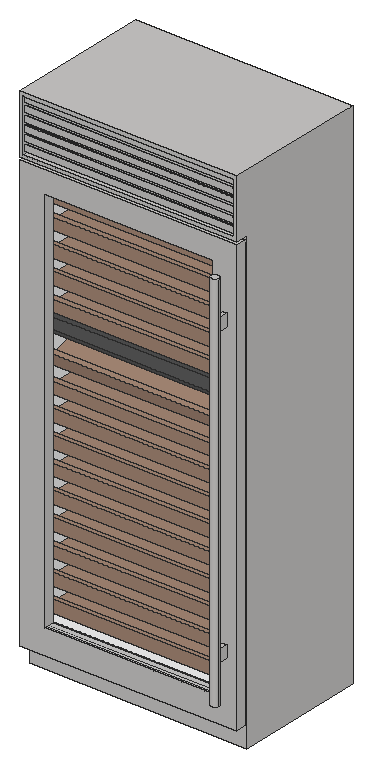
Revit family "M_Armazenamento de vinho", category Equipamento especial, Revit 2019
Family settings
  Cota do conector redondo = Utilizar diâmetro
  Tipo de parte = Normal
  Número OmniClass = 23.40.40.14
  Título OmniClass = Food Service Equipment
  Com base no plano de trabalho = Não
  Sempre na vertical = Sim
  Corte com vazios quando carregada = Não
  Compartilhado = Não
  Ponto de cálculo do ambiente = Não
Parameters (values of type "900mm LH")
  Largura = 900 mm
  Deslocamento de parede = 100 mm
  Voltagem = 120 V
  Type Comments = ""
  Acabamento da bandeja = Eletrodoméstico – Madeira – Carvalho
  Mostrar legenda = yes
  RH = no
  Consumo de energia = 1000 VA
  Legenda = "Armazenamento de vinho"
  LH = not(RH)  # yes
  Acabamento interior = Eletrodoméstico – Plástico – Branco
  Altura = 2150 mm
  Linha de centro do puxador = if(RH, 50 mm, (Largura - 50 mm))  # 850 mm
  Vidro = Eletrodoméstico – Vidro
  Junta = Eletrodoméstico – Junta
  Descrição = "Armazenamento de vinho"
  Linear = 600 mm
  Acabamento do controlador = Eletrodoméstico – Plástico – Preto
  Código de montagem = "E1090320"
  Acabamento do eletrodoméstico = Eletrodoméstico – Aço inoxidável
  Amperagem = Consumo de energia / Voltagem  # 8.33333 A
Types (2, lengths in mm): name | RH | LH | Linha de centro do puxador
  900mm RH | yes | no | 50
  900mm LH | no | yes | 850
Reference planes
  plane 1 "Parte posterior": y = 0
  plane 2: z = 0
  plane 3 "Centro (Esquerda/Direita)": x = 0
  plane 4 "Esquerda": x = -450
  plane 5 "Direita": x = 450
  plane 6: y = -100
  plane 7 "Parte frontal": y = -700
  plane 8 "Traseira da porta": y = -649.2
  plane 9 "Superior": z = 2150
  plane 10 "Porta B.O.": z = 88.9
  plane 11: z = 1905.525
  plane 12: x = 400
  plane 13: z = 1778.525
  plane 14: z = 190.5
  plane 15: y = -623.8
  plane 16: y = -176.2
Forms (mm)
  Extrusion 1, solid, material "Eletrodoméstico – Aço inoxidável" <- "Acabamento do eletrodoméstico"
    sketch origin (0, 0, 0) x (1, 0, 0) y (0, 1, 0)
      loop
        line (-450, -100) -> (-450, -649.2) -> (450, -649.2) -> (450, -100) -> (-450, -100)
    from 0 to 2150
  Extrusion 2, solid, material "Eletrodoméstico – Aço inoxidável" <- "Acabamento do eletrodoméstico"
    sketch origin (0, -700, 0) x (-1, 0, 0) y (0, 0, 1)
      loop
        line (450, 2150) -> (-450, 2150) -> (-450, 1905.525) -> (450, 1905.525) -> (450, 2150)
      loop
        line (437.3, 2137.3) -> (-437.3, 2137.3) -> (-437.3, 1918.225) -> (437.3, 1918.225) -> (437.3, 2137.3)
    from 0 to 50.8
  Extrusion 3, solid, material "Eletrodoméstico – Aço inoxidável" <- "Acabamento do eletrodoméstico"
    sketch origin (0, 0, 0) x (0, 1, 0) y (0, 0, 1)
      loop
        line (-649.2, 1921.627) -> (-693.65, 1933.537) -> (-693.65, 1956.386) -> (-696.825, 1956.386) -> (-696.825, 1930.986) -> (-649.2, 1918.225) -> (-649.2, 1921.627)
      loop
        line (-649.2, 1957.809) -> (-693.65, 1969.72) -> (-693.65, 1992.569) -> (-696.825, 1992.569) -> (-696.825, 1967.169) -> (-649.2, 1954.408) -> (-649.2, 1957.809)
      loop
        line (-649.2, 1993.992) -> (-693.65, 2005.902) -> (-693.65, 2028.752) -> (-696.825, 2028.752) -> (-696.825, 2003.352) -> (-649.2, 1990.591) -> (-649.2, 1993.992)
      loop
        line (-649.2, 2030.175) -> (-693.65, 2042.085) -> (-693.65, 2064.934) -> (-696.825, 2064.934) -> (-696.825, 2039.534) -> (-649.2, 2026.773) -> (-649.2, 2030.175)
      loop
        line (-649.2, 2066.358) -> (-693.65, 2078.268) -> (-693.65, 2101.117) -> (-696.825, 2101.117) -> (-696.825, 2075.717) -> (-649.2, 2062.956) -> (-649.2, 2066.358)
      loop
        line (-649.2, 2102.54) -> (-693.65, 2114.451) -> (-693.65, 2137.3) -> (-696.825, 2137.3) -> (-696.825, 2111.9) -> (-649.2, 2099.139) -> (-649.2, 2102.54)
    from -437.3 to 437.3
  Extrusion 4, solid, material "Eletrodoméstico – Aço inoxidável" <- "Acabamento do eletrodoméstico", detail levels fine
    sketch origin (0, -700, 0) x (-1, 0, 0) y (0, 0, 1)
      loop
        line (-390.475, 1626.125) -> (-409.525, 1626.125) -> (-409.525, 1575.325) -> (-390.475, 1575.325) -> (-390.475, 1626.125)
      loop
        line (-390.475, 393.7) -> (-409.525, 393.7) -> (-409.525, 342.9) -> (-390.475, 342.9) -> (-390.475, 393.7)
    from -42.559 to 0
  Extrusion 5, solid, material "Eletrodoméstico – Aço inoxidável" <- "Acabamento do eletrodoméstico", detail levels fine
    sketch origin (0, 0, 0) x (1, 0, 0) y (0, 1, 0)
      loop
        circle (400, -751.174) r 15.875
    from 190.5 to 1778.525
  Extrusion 6, solid, material "Eletrodoméstico – Aço inoxidável" <- "Acabamento do eletrodoméstico"
    sketch origin (0, -700, 0) x (-1, 0, 0) y (0, 0, 1)
      loop
        line (450, 1892.825) -> (-450, 1892.825) -> (-450, 88.9) -> (450, 88.9) -> (450, 1892.825)
      loop
        line (348.4, 1803.925) -> (-348.4, 1803.925) -> (-348.4, 190.5) -> (348.4, 190.5) -> (348.4, 1803.925)
    from 0 to 44.45
  Sweep 7, solid, material "Eletrodoméstico – Junta" <- "Junta", detail levels fine
    path in 3D
      loop
        line (-450, -700, 1892.825) -> (-450, -700, 88.9) -> (450, -700, 88.9) -> (450, -700, 1892.825) -> (-450, -700, 1892.825)
    profile origin (0, -700, 1892.825) x (0, -1, 0) y (0, 0, 1)
      loop
        line (-50.8, -3.175) -> (-50.8, -6.35) -> (-44.45, -6.35) -> (-44.45, -3.175)
        arc (-44.45, -3.175) -> (-47.625, 0) -> (-50.8, -3.175) r 3.175
  Extrusion 8, solid, material "Eletrodoméstico – Vidro" <- "Vidro"
    sketch origin (0, -700, 0) x (-1, 0, 0) y (0, 0, 1)
      loop
        line (-348.4, 1803.925) -> (-348.4, 190.5) -> (348.4, 190.5) -> (348.4, 1803.925) -> (-348.4, 1803.925)
    from 6.35 to 19.028
  Extrusion 9, void
    sketch origin (0, -649.2, 0) x (-1, 0, 0) y (0, 0, 1)
      loop
        line (424.6, 1905.525) -> (-424.6, 1905.525) -> (-424.6, 190.5) -> (424.6, 190.5) -> (424.6, 1905.525)
    from 0 to 507.505
  Extrusion 10, solid, material "Eletrodoméstico – Madeira – Carvalho" <- "Acabamento da bandeja", detail levels fine
    sketch origin (0, -0.495, 2.446) x (0, 1, 0) y (0, 0, 1)
      loop
        line (-175.705, 200.754) -> (-175.705, 213.454) -> (-604.255, 213.454) -> (-604.255, 251.554) -> (-623.305, 251.554) -> (-623.305, 200.754) -> (-175.705, 200.754)
      loop
        line (-175.705, 302.354) -> (-175.705, 315.054) -> (-604.255, 315.054) -> (-604.255, 353.154) -> (-623.305, 353.154) -> (-623.305, 302.354) -> (-175.705, 302.354)
      loop
        line (-175.705, 403.954) -> (-175.705, 416.654) -> (-604.255, 416.654) -> (-604.255, 454.754) -> (-623.305, 454.754) -> (-623.305, 403.954) -> (-175.705, 403.954)
      loop
        line (-175.705, 505.554) -> (-175.705, 518.254) -> (-604.255, 518.254) -> (-604.255, 556.354) -> (-623.305, 556.354) -> (-623.305, 505.554) -> (-175.705, 505.554)
      loop
        line (-175.705, 607.154) -> (-175.705, 619.854) -> (-604.255, 619.854) -> (-604.255, 657.954) -> (-623.305, 657.954) -> (-623.305, 607.154) -> (-175.705, 607.154)
      loop
        line (-175.705, 708.754) -> (-175.705, 721.454) -> (-604.255, 721.454) -> (-604.255, 759.554) -> (-623.305, 759.554) -> (-623.305, 708.754) -> (-175.705, 708.754)
      loop
        line (-175.705, 810.354) -> (-175.705, 823.054) -> (-604.255, 823.054) -> (-604.255, 861.154) -> (-623.305, 861.154) -> (-623.305, 810.354) -> (-175.705, 810.354)
      loop
        line (-175.705, 911.954) -> (-175.705, 924.654) -> (-604.255, 924.654) -> (-604.255, 962.754) -> (-623.305, 962.754) -> (-623.305, 911.954) -> (-175.705, 911.954)
      loop
        line (-175.705, 1013.554) -> (-175.705, 1026.254) -> (-604.255, 1026.254) -> (-604.255, 1064.354) -> (-623.305, 1064.354) -> (-623.305, 1013.554) -> (-175.705, 1013.554)
      loop
        line (-175.705, 1318.879) -> (-175.705, 1331.579) -> (-604.255, 1331.579) -> (-604.255, 1369.679) -> (-623.305, 1369.679) -> (-623.305, 1318.879) -> (-175.705, 1318.879)
      loop
        line (-175.705, 1420.479) -> (-175.705, 1433.179) -> (-604.255, 1433.179) -> (-604.255, 1471.279) -> (-623.305, 1471.279) -> (-623.305, 1420.479) -> (-175.705, 1420.479)
      loop
        line (-175.705, 1522.079) -> (-175.705, 1534.779) -> (-604.255, 1534.779) -> (-604.255, 1572.879) -> (-623.305, 1572.879) -> (-623.305, 1522.079) -> (-175.705, 1522.079)
      loop
        line (-175.705, 1623.679) -> (-175.705, 1636.379) -> (-604.255, 1636.379) -> (-604.255, 1674.479) -> (-623.305, 1674.479) -> (-623.305, 1623.679) -> (-175.705, 1623.679)
      loop
        line (-175.705, 1725.279) -> (-175.705, 1737.979) -> (-604.255, 1737.979) -> (-604.255, 1776.079) -> (-623.305, 1776.079) -> (-623.305, 1725.279) -> (-175.705, 1725.279)
      loop
        line (-211.919, 1221.981) -> (-215.206, 1234.248) -> (-595.491, 1132.351) -> (-605.352, 1169.153) -> (-623.753, 1164.223) -> (-610.605, 1115.154) -> (-211.919, 1221.981)
    from -406.4 to 406.4
  Extrusion 11, solid, material "Eletrodoméstico – Plástico – Preto" <- "Acabamento do controlador", detail levels medium+fine
    sketch origin (0, 0, 0) x (0, 1, 0) y (0, 0, 1)
      loop
        line (-150.8, 1305.678) -> (-625.152, 1305.678) -> (-648.976, 1273.928) -> (-648.976, 1261.228) -> (-150.8, 1261.228) -> (-150.8, 1305.678)
    from -406.4 to 406.4
Cuts and joins
  Extrusion 9 cuts Extrusion 1
  Extrusion 9 cuts Extrusion 2
  joined: Extrusion 1, Extrusion 2
  joined: Extrusion 4, Extrusion 5
  Extrusion 9 cuts Sweep 7
Lines and regions (mm)
  Split face 1
    outline origin (-450, -100, 0) x (1, 0, 0) y (0, 0, -1)
      loop
        circle (747.6, -1997.6) r 50.8
  Masking region 1
    outline origin (0, 0, 0) x (1, 0, 0) y (0, 1, 0)
      loop
        line (-450, -100) -> (-450, -700) -> (450, -700) -> (450, -100) -> (-450, -100)
  Masking region 2, detail levels fine
    outline origin (0, 0, 0) x (1, 0, 0) y (0, 1, 0)
      loop
        line (409.525, -738.474) -> (409.525, -700) -> (390.475, -700) -> (390.475, -738.474)
        arc (390.475, -738.474) -> (385.801, -744.075) -> (384.125, -751.174) r 15.875
        arc (384.125, -751.174) -> (400, -767.049) -> (415.875, -751.174) r 15.875
        arc (415.875, -751.174) -> (414.199, -744.075) -> (409.525, -738.474) r 15.875
  symbolic lines, style "Eletrodomésticos – Giro da planta", visible <- "LH", detail levels medium+fine
    curve 1: arc (450, -700, 0) -> (186.396, -1336.396, 0) -> (-450, -1600, 0) r 900
    curve 2: line (-450, -700, 0) -> (-450, -1600, 0)
  symbolic lines, style "Eletrodomésticos – Giro da planta", visible <- "RH", detail levels medium+fine
    curve 3: arc (-450, -700, 0) -> (-186.396, -1336.396, 0) -> (450, -1600, 0) r 900
    curve 4: line (450, -1600, 0) -> (450, -700, 0)
  sketch lines
    curve 5: line (450, -700, 1892.825) -> (-450, -700, 1892.825)
    curve 6: line (450, -700, 88.9) -> (450, -700, 1892.825)
    curve 7: line (-450, -700, 88.9) -> (450, -700, 88.9)
    curve 8: line (-450, -700, 1892.825) -> (-450, -700, 88.9)
  symbolic lines, style "Eletrodomésticos"
    curve 9: line (-450, -100, 0) -> (450, -100, 0)
    curve 10: line (-450, -700, 0) -> (-450, -100, 0)
    curve 11: line (450, -700, 0) -> (-450, -700, 0)
    curve 12: line (450, -100, 0) -> (450, -700, 0)
    curve 13: line (-450, -649.2, 0) -> (450, -649.2, 0)
  symbolic lines, style "Eletrodomésticos", detail levels fine
    curve 14: arc (415.875, -751.174, 0) -> (400, -735.299, 0) -> (384.125, -751.174, 0) r 15.875
    curve 15: arc (384.125, -751.174, 0) -> (400, -767.049, 0) -> (415.875, -751.174, 0) r 15.875
    curve 16: line (409.525, -738.474, 0) -> (409.525, -700, 0)
    curve 17: line (390.475, -700, 0) -> (390.475, -738.474, 0)
Dimensions and locks
  equal spacing: plane 4 "Esquerda", plane 3 "Centro (Esquerda/Direita)", plane 5 "Direita"
  "Largura": plane 4 "Esquerda" to plane 5 "Direita"
  "Linear": plane 6 to plane 7 "Parte frontal"
  "Deslocamento de parede": plane 1 "Parte posterior" to plane 6
  "Altura": plane 9 "Superior" to level
  plane 10 "Porta B.O." to level = 88.9 mm
  locked: plane 8 "Traseira da porta" to plane 7 "Parte frontal" at 50.8
  locked: plane 9 "Superior" to plane 11 at 244.475
  locked: cut or joined group of Extrusion 1, Extrusion 2, Extrusion 9 to plane 4 "Esquerda" at 12.7
  locked: plane 5 "Direita" to cut or joined group of Extrusion 1, Extrusion 2, Extrusion 9 at 12.7
  locked: plane 11 to plane 13 at 127
  plane 14 to plane 10 "Porta B.O." = 101.6 mm
  Extrusion 4 sketch curve to plane 12 to Extrusion 4 sketch curve = 9.525 mm locked, 9.525 mm locked  (x2)
  plane 13 to Extrusion 4 sketch curve to Extrusion 4 sketch curve = 152.4 mm locked, 50.8 mm locked
  Extrusion 4 sketch curve to Extrusion 4 sketch curve to plane 14 = 50.8 mm locked, 152.4 mm locked
  locked: plane 7 "Parte frontal" to Extrusion 5 sketch curve at 51.174
  locked: Split face 1 sketch curve to plane 9 "Superior" at 152.4
  locked: plane 5 "Direita" to Split face 1 sketch curve at 152.4
  "Linha de centro do puxador": plane 4 "Esquerda" to plane 12
  locked: plane 11 to Extrusion 6 sketch curve at 12.7
  locked: plane 11 to Sweep 7 sketch curve at 19.05
  equal spacing: plane 6, nested 1, plane 8 "Traseira da porta"
  Extrusion 6 sketch curve to plane 4 "Esquerda" = 101.6 mm
  locked: plane 5 "Direita" to Extrusion 6 sketch curve at 101.6
  Extrusion 6 sketch curve to plane 10 "Porta B.O." = 101.6 mm
  locked: plane 11 to Extrusion 6 sketch curve at 101.6
  Extrusion 8 to Extrusion 8 to plane 7 "Parte frontal" = 12.678 mm locked, 6.35 mm locked
  locked: Extrusion 9 sketch curve to plane 4 "Esquerda" at 25.4
  locked: plane 5 "Direita" to Extrusion 9 sketch curve at 25.4
  plane 6 to cut or joined group of Extrusion 1, Extrusion 2, Extrusion 9 = 41.695 mm
  Extrusion 10 sketch curve to Extrusion 10 sketch curve to Extrusion 10 sketch curve = 12.7 mm locked, 38.1 mm locked  (x15)
  Extrusion 10 sketch curve to Extrusion 10 sketch curve to Extrusion 10 sketch curve to Extrusion 10 sketch curve to Extrusion 10 sketch curve = 101.6 mm locked, 101.6 mm locked, 101.6 mm locked, 101.6 mm locked
  Extrusion 10 sketch curve to plane 14 = 12.7 mm
  Extrusion 10 sketch curve to Extrusion 10 sketch curve to Extrusion 10 sketch curve to Extrusion 10 sketch curve to Extrusion 10 sketch curve to Extrusion 10 sketch curve = 101.6 mm, 101.6 mm locked, 101.6 mm locked, 101.6 mm locked, 101.6 mm locked
  Extrusion 10 sketch curve to Extrusion 10 sketch curve to Extrusion 10 sketch curve to Extrusion 10 sketch curve = 101.6 mm locked, 101.6 mm locked, 101.6 mm locked
  Extrusion 10 sketch curve to Extrusion 10 sketch curve to Extrusion 10 sketch curve = 19.05 mm locked, 393.7 mm locked
  plane 15 to plane 8 "Traseira da porta" = 25.4 mm
  plane 6 to plane 16 = 76.2 mm
  locked: Extrusion 11 sketch curve to Extrusion 11 sketch curve at 44.45
  plane 6 to Extrusion 11 sketch curve to Extrusion 11 sketch curve = 50.8 mm locked, 498.176 mm locked
  "Largura": radius of curve 3
  "Largura": radius of curve 1
  aligned and locked: plane 2 to level
  aligned and locked: Extrusion 1 sketch curve to plane 6
  aligned and locked: plane 4 "Esquerda" to Extrusion 1 sketch curve
  aligned and locked: plane 8 "Traseira da porta" to Extrusion 1 sketch curve
  aligned and locked: Extrusion 1 sketch curve to plane 5 "Direita"
  aligned and locked: plane 9 "Superior" to Extrusion 1
  aligned and locked: Extrusion 2 sketch curve to Extrusion 1  (x2)
  aligned and locked: plane 11 to Extrusion 2 sketch curve
  aligned and locked: Extrusion 2 sketch curve to plane 5 "Direita"
  aligned and locked: plane 8 "Traseira da porta" to Extrusion 2
  aligned and locked: Extrusion 3 to Extrusion 2  (x2)
  aligned and locked: plane 7 "Parte frontal" to Extrusion 4
  aligned and locked: plane 12 to Extrusion 5 sketch curve
  aligned and locked: Extrusion 5 to plane 14
  aligned and locked: plane 13 to Extrusion 5
  aligned and locked: plane 13 to cut or joined group of Extrusion 4, Extrusion 5
  aligned and locked: plane 4 "Esquerda" to Extrusion 6 sketch curve
  aligned and locked: Extrusion 6 sketch curve to plane 5 "Direita"
  aligned and locked: plane 10 "Porta B.O." to Extrusion 6 sketch curve
  aligned and locked: plane 3 "Centro (Esquerda/Direita)" to nested 1
  aligned and locked: plane 14 to Extrusion 9 sketch curve
  aligned and locked: Extrusion 9 sketch curve to plane 11
  aligned and locked: Masking region 1 sketch curve to plane 6
  aligned and locked: plane 4 "Esquerda" to Masking region 1 sketch curve
  aligned and locked: Masking region 1 sketch curve to plane 5 "Direita"
  aligned and locked: plane 7 "Parte frontal" to Masking region 1 sketch curve
  aligned and locked: Masking region 2 sketch curve to cut or joined group of Extrusion 4, Extrusion 5  (x6)
  aligned and locked: Extrusion 8 sketch curve to Extrusion 6  (x4)
  aligned and locked: plane 15 to Extrusion 10 sketch curve  (x14)
  aligned and locked: Extrusion 10 sketch curve to plane 16  (x14)
Automatic sketch dimensions
  Extrusion 2 sketch curve to plane 5 "Direita" = 12.7 mm
  plane 4 "Esquerda" to Extrusion 2 sketch curve = 12.7 mm
  plane 11 to Extrusion 2 sketch curve = 12.7 mm
  Extrusion 2 sketch curve to plane 9 "Superior" = 12.7 mm
  Extrusion 3 sketch curve to plane 8 "Traseira da porta" = 0 mm  (x6)
  plane 7 "Parte frontal" to Extrusion 3 sketch curve = 6.35 mm  (x6)
  Extrusion 3 sketch curve to Extrusion 3 sketch curve = 3.175 mm  (x2)
  plane 7 "Parte frontal" to Extrusion 3 sketch curve = 3.175 mm  (x4)
  plane 11 to Extrusion 3 sketch curve = 12.7 mm
  Extrusion 3 sketch curve to Extrusion 3 sketch curve = 3.402 mm  (x6)
  plane 11 to Extrusion 3 sketch curve = 25.461 mm
  Extrusion 3 sketch curve to Extrusion 3 sketch curve = 2.551 mm  (x6)
  Extrusion 3 sketch curve to Extrusion 3 sketch curve = 32.781 mm  (x5)
  Extrusion 3 sketch curve to Extrusion 3 sketch curve = 22.849 mm  (x5)
  Extrusion 3 sketch curve to Extrusion 3 sketch curve = 10.783 mm  (x5)
  Extrusion 3 sketch curve to plane 9 "Superior" = 12.7 mm
  Sweep 7 sketch curve to profile plane = 3.175 mm
  profile plane to Sweep 7 sketch curve = 50.8 mm
  Sweep 7 sketch curve to Sweep 7 sketch curve = 3.175 mm
  Extrusion 10 sketch curve to plane 15 = 12.7 mm
  Extrusion 10 sketch curve to plane 13 = 0 mm
  plane 15 to Extrusion 10 sketch curve = 0.448 mm
  Extrusion 10 sketch curve to plane 15 = 19.05 mm  (x9)
  Extrusion 10 sketch curve to Extrusion 10 sketch curve = 19.05 mm  (x5)
  Extrusion 10 sketch curve to Extrusion 10 sketch curve = 101.6 mm
  plane 8 "Traseira da porta" to Extrusion 11 sketch curve = 24.048 mm
  Extrusion 11 sketch curve to plane 13 = 517.297 mm
  Extrusion 11 sketch curve to Extrusion 11 sketch curve = 12.7 mm
  curve 1 to plane 4 "Esquerda" = 0 mm
  curve 17 to plane 7 "Parte frontal" = 0 mm
  curve 15 to plane 12 = 0 mm
  curve 13 to plane 8 "Traseira da porta" = 0 mm
  curve 9 to plane 6 = 0 mm
  curve 15 to plane 7 "Parte frontal" = 51.174 mm
  curve 15 to plane 12 = 15.875 mm
  curve 17 to plane 12 = 9.525 mm
  plane 12 to curve 16 = 9.525 mm
  radius of Extrusion 5 sketch curve = 15.875 mm
  radius of Split face 1 sketch curve = 50.8 mm
Nested families
  nested 1: "Anotação de legenda de 2,5" at (0, -374.6, 0), visible <- "Mostrar legenda", type "Anotação de legenda de 2,5"
Connectors
  electrical at (297.6, -100, 1997.6), driven by "Voltagem", driven by "Consumo de energia"
    settings: on Extrusion 1, index 1, voltage 120 V, apparent load 1000 VA, apparent load phase1 0 VA, apparent load phase2 0 VA, apparent load phase3 0 VA, power factor 1, load classification "Eletrodoméstico", number of poles 1, system type 30, power factor state 1, is connector primary yes, connector utility no, sub classification motor no, connector description "Potência do armazenamento de vinho"
Definition of nested family "Anotação de legenda de 2,5"
  Parameters
    Legenda = "Congelador 36 LH"
  Reference planes
    plane 1: y = 0
    plane 2: x = 0
  Text (mm)
    label "Legenda" at (0.095, -0.088, 0), shows "Legenda"
